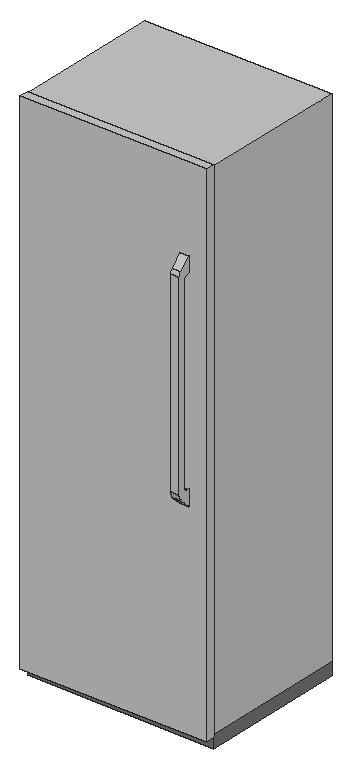
Revit family "DRR30980LAP", category Specialty Equipment, Revit 2014
Parameters (values of type "DRR30980LAP")
  iQ RemoteView™ Camera = "Yes (2 ea)"
  Width = 29 3/4"
  Volts (V) = "115"
  Unit = Stainless Steel
  Total Unit Gross Capacity (cu.ft.) - AHAM = "17.8 cu. ft."
  Support = Plastic-Black
  Special Modes = "Sabbath Mode"
  Shelf Material = "Tempered, Metal Trim, Spill-Proof"
  Refrigerator Gross Capacity (cu.ft.) = "17.8 cu. ft."
  Refrigerator - Power Cool = "34°F (1°C)"
  Refrigerator = "34°F (1°C) to 44°F (7°C)"
  Push-To-Open™ Door Assist = "Yes"
  Precise Cooling = "Yes"
  Power Cord Length (in.) = "78 3/4\""
  Power Cool = "Yes"
  Plug Type = "120 V, 3 Prong"
  Panel Ready = "Yes"
  Model = "DRR30980LAP"
  Manufacturer = "Dacor"
  Lighting = "3DLighting™"
  Internal Water Dispenser = "Yes"
  Interior Material = "SteelCool™ Stainless Steel Interior"
  Height = 83 3/8"
  Handle = Stainless Steel
  Full Width Shelves = "4 ea"
  Full Extension Drawers at 90º Door Opening Angle = "Yes"
  FreshZone™ Drawer = "Yes - Cheese (37°F) / Cold Drinks (33°F) / Meat (29°F)"
  Frequency (Hz) = "60"
  ENERGY STAR® Qualified = "Yes"
  Door Swing = "Left"
  Door Open Alarm = "Yes"
  Door Bins = "4 ea"
  Door = Stainless Steel
  Description = "30-INCH REFRIGERATOR COLUMN, LEFT-HINGE"
  Depth = 25"
  Deodorizing Filter = "Yes"
  Dedicated Evaporator & Compressor System = "Yes"
  Current (A) = "3"
  Crisper Drawers = "2 ea"
  Annual Energy Consumption = "280 kWy/year"
Reference planes (in)
  plane 1 "Center (Front/Back)": y = 0
  plane 2: z = 0
  plane 3 "Center (Left/Right)": x = 0
  plane 4: y = 12.5
  plane 5: y = -12.5
  plane 6: x = -14.875
  plane 7: x = 14.875
  plane 8: z = 83.375
  plane 9: z = 2
  plane 10: y = -14.375
  plane 11: y = -11
Forms (in)
  Extrusion 1, solid, material "Stainless Steel" <- "Unit"
    sketch origin (0, 0, 0) x (1, 0, 0) y (0, 1, 0)
      loop
        line (-14.875, -11) -> (-13.875, -11) -> (-13.875, 11.375) -> (13.875, 11.375) -> (13.875, -11) -> (14.875, -11) -> (14.875, 12.5) -> (-14.875, 12.5) -> (-14.875, -11)
    from 2 to 83.375
  Extrusion 2, solid, material "Stainless Steel" <- "Handle"
    sketch origin (0, 0, 0) x (1, 0, 0) y (0, 0, 1)
      loop
        line (-14.875, 1.57503) -> (14.875, 1.57503) -> (14.875, 83.5) -> (-14.875, 83.5) -> (-14.875, 1.57503)
    from 11 to 12.5
  Extrusion 3, solid, material "Plastic-Black" <- "Support"
    sketch origin (0, 0, 0) x (0, 1, 0) y (0, 0, 1)
      loop
        line (12.5, 2) -> (-11, 2) -> (-11, 0) -> (12.5, 0) -> (12.5, 2)
    from -14.875 to 14.875
  Extrusion 4, solid, material "Stainless Steel" <- "Unit"
    sketch origin (0, 0, 83.375) x (1, 0, 0) y (0, 1, 0)
      loop
        line (-13.875, 11.375) -> (-13.875, -11) -> (13.875, -11) -> (13.875, 11.375) -> (-13.875, 11.375)
    from 0 to -1.14126
  Extrusion 5, solid, material "Stainless Steel" <- "Handle"
    sketch origin (0.5, 0, 0) x (0, 1, 0) y (0, 0, -1)
      loop
        line (-12.5, -70.125) -> (-12.5, -67.65625) -> (-12.96875, -67.65625) -> (-13.4375, -67.1875) -> (-13.4375, -64.9375) -> (-14.375, -64.9375) -> (-14.375, -67.83579)
        arc (-14.375, -67.83579) -> (-14.29888, -68.21847) -> (-14.08211, -68.54289) r 1
        line (-14.08211, -68.54289) -> (-12.5, -70.125)
    from -11.55491 to -10.21363
  Extrusion 6, solid, material "Stainless Steel" <- "Handle"
    sketch origin (0.5, 0, 104.5) x (0, 1, 0) y (0, 0, -1)
      loop
        line (-12.5, 70.25) -> (-14.00888, 68.74112)
        arc (-14.00888, 68.74112) -> (-14.27985, 68.33559) -> (-14.375, 67.85723) r 1.25
        line (-14.375, 67.85723) -> (-14.375, 65.0625) -> (-13.4375, 65.0625) -> (-13.4375, 67.3125) -> (-12.96875, 67.78125) -> (-12.5, 67.78125) -> (-12.5, 70.25)
    from -11.55491 to -10.21363
  Extrusion 7, solid, material "Stainless Steel" <- "Handle"
    sketch origin (-0.75, 0, 0) x (-1, 0, 0) y (0, -1, 0)
      loop
        line (-12.80491, 13.4375) -> (-11.46363, 13.4375) -> (-11.46363, 14.375) -> (-12.80491, 14.375) -> (-12.80491, 13.4375)
    from 65.0625 to 39.4375
Cuts and joins
  joined: Extrusion 1, Extrusion 4
  joined: Extrusion 5, Extrusion 6, Extrusion 7
Dimensions and locks (in)
  equal spacing: plane 6, plane 3 "Center (Left/Right)", plane 7
  "Width": plane 6 to plane 7
  equal spacing: plane 4, plane 1 "Center (Front/Back)", plane 5
  "Depth": plane 4 to plane 5
  "Height": plane 8 to plane 2
  plane 9 to plane 2 = 2"
  plane 5 to plane 10 = 1 7/8"
  plane 11 to plane 5 = 1 1/2"
  Extrusion 3 to Extrusion 3 = 29 3/4"
  Extrusion 2 to Extrusion 3 = 25"
  cut or joined group of Extrusion 1, Extrusion 4 to Extrusion 3 = 83 3/8"
  aligned and locked: level to plane 2
  aligned and locked: Extrusion 3 to plane 6
  aligned and locked: plane 7 to Extrusion 3
  aligned and locked: plane 8 to Extrusion 1
Automatic sketch dimensions
  Extrusion 1 sketch curve to plane 6 = 0"
  Extrusion 1 sketch curve to plane 11 = 0"  (x2)
  Extrusion 1 sketch curve to plane 7 = 0"
  Extrusion 1 sketch curve to plane 4 = 0"
  Extrusion 1 sketch curve to Extrusion 1 sketch curve = 1"
  Extrusion 1 sketch curve to plane 7 = 1"
  Extrusion 1 sketch curve to plane 4 = 1 1/8"
  Extrusion 2 sketch curve to plane 6 = 0"
  Extrusion 2 sketch curve to plane 7 = 0"
  Extrusion 2 sketch curve to plane 9 = 0.42497"
  plane 8 to Extrusion 2 sketch curve = 1/8"
  Extrusion 3 sketch curve to plane 9 = 0"
  Extrusion 3 sketch curve to plane 11 = 0"
  Extrusion 3 sketch curve to level = 0"
  Extrusion 3 sketch curve to plane 4 = 0"
  Extrusion 1 to Extrusion 4 sketch curve = 0"  (x2)
  Extrusion 4 sketch curve to Extrusion 1 = 0"  (x2)
  Extrusion 5 sketch curve to plane 10 = 0"
  Extrusion 5 sketch curve to plane 5 = 0"
  Extrusion 5 sketch curve to plane 10 = 0.29289"
  Extrusion 5 sketch curve to plane 5 = 15/16"
  Extrusion 5 sketch curve to Extrusion 5 sketch curve = 1/16"
  Extrusion 5 sketch curve to Extrusion 5 sketch curve = 13/32"
  Extrusion 5 sketch curve to plane 8 = 13 1/4"
  Extrusion 5 sketch curve to Extrusion 5 sketch curve = 1.58211"
  Extrusion 5 sketch curve to Extrusion 5 sketch curve = 0.17954"
  Extrusion 5 sketch curve to Extrusion 5 sketch curve = 0.64829"
  Extrusion 5 sketch curve to Extrusion 5 sketch curve = 2 1/4"
  Extrusion 6 sketch curve to plane 10 = 0"
  Extrusion 6 sketch curve to plane 5 = 0"
  Extrusion 6 sketch curve to plane 10 = 0.36612"
  Extrusion 6 sketch curve to plane 5 = 15/16"
  Extrusion 6 sketch curve to plane 5 = 5/8"
  Extrusion 6 sketch curve to Extrusion 6 sketch curve = 5/32"
  plane 9 to Extrusion 6 sketch curve = 37 7/16"
  Extrusion 6 sketch curve to Extrusion 6 sketch curve = 2 1/4"
  Extrusion 6 sketch curve to Extrusion 6 sketch curve = 15/32"
  Extrusion 6 sketch curve to Extrusion 6 sketch curve = 0.54473"
  Extrusion 6 sketch curve to Extrusion 6 sketch curve = 1.50888"
  plane 10 to Extrusion 7 sketch curve = 0"
  plane 7 to Extrusion 7 sketch curve = 2.82009"
  Extrusion 7 sketch curve to Extrusion 7 sketch curve = 1.34127"
  plane 5 to Extrusion 7 sketch curve = 15/16"
